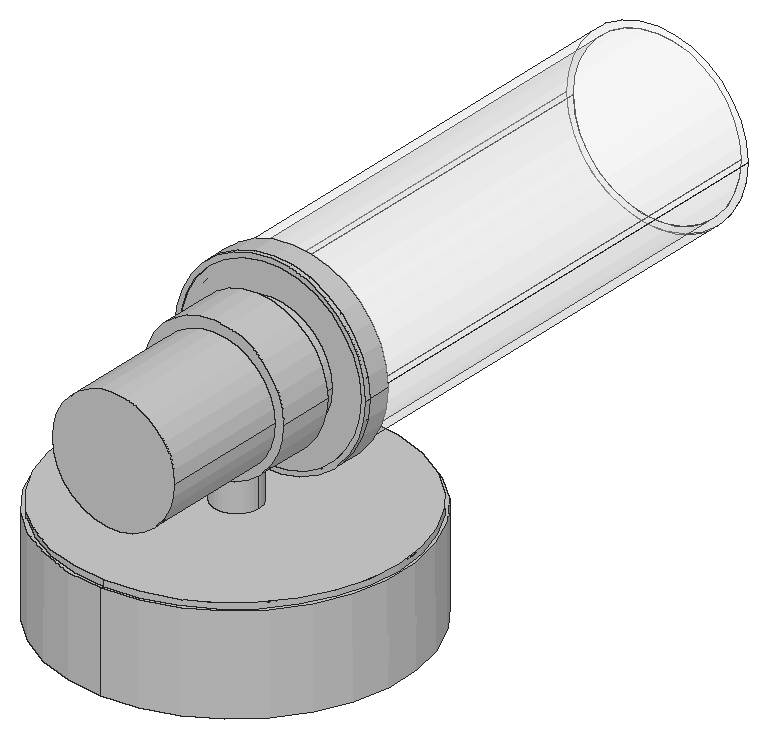
Revit family "2-5156-124 Pebble", category Lighting Fixtures, Revit 2014
Parameters
  Wattage = 5.63477 W
  built-in parameter 1150110 = 1 (stored number, unit not read)
  URL = "http://www.oxygenlighting.com"
  Type Comments = "Lighting - Fluorescent"
  built-in parameter 1114217 = 1 (stored number, unit not read)
  Tilt Angle = -90.00°
  built-in parameter 1150109 = 1 (stored number, unit not read)
  built-in parameter 1150134 = (empty or 0)
  built-in parameter 1150113 = 1 (stored number, unit not read)
  Product Documentation Link = "http://oxygenlighting.com.s3.amazonaws.com/downloads/cutsheets/2-5156-1xx.pdf"
  Power Factor = "0.99"
  Photometric Web File = "2-5156-124 Pebble ITL77192.IES"
  Model = "2-5156-124"
  Metal Finish = 24 -Satin Nickel
  Manufacturer = "Oxygen Lighting"
  Lumens = 837 lm
  built-in parameter 1150115 = 1 (stored number, unit not read)
  built-in parameter 1150105 = 66.606 (stored number, unit not read)
  built-in parameter 1150137 = (empty or 0)
  built-in parameter 1150139 = (empty or 0)
  built-in parameter 1150112 = 1 (stored number, unit not read)
  Lamp Manufacturer = "Sylvania"
  built-in parameter 1150114 = 1 (stored number, unit not read)
  Lamp = "1x18W Double Twin Tube Compact Fluorescent"
  Junction Box = "4\" Octagonal"
  Input Voltage = "120 V"
  Input Power = "16.8 W"
  Input Current = ""
  built-in parameter 1150132 = 2
  built-in parameter 1150102 = (empty or 0)
  built-in parameter 1150138 = (empty or 0)
  built-in parameter 1150107 = 3000 (stored number, unit not read)
  built-in parameter 1150106 = 0.66606 (stored number, unit not read)
  Fixture Width = 0' - 6.17224"
  Fixture Height = 1' - 0.7732"
  Emit from Rectangle Width = 2' - 0"
  Emit from Rectangle Length = 4' - 0"
  Emit Shape Visible in Rendering = no
  built-in parameter 1150104 = 13.8 (stored number, unit not read)
  Dimming Lamp Color Temperature Shift = <None>
  Diffuser = 1-White Opal Glass
  Description = "12\" Contemporary Wall Sconce"
  Default Elevation = 4' - 0"
  Color Filter = 16777215
  Ballast Manufacturer = "Antron Electronics CSD-UV18P"
  built-in parameter 1114218 = 1 (stored number, unit not read)
  built-in parameter 1150133 = 10 (stored number, unit not read)
  Apparent Load = 16.8 VA
Reference planes (in)
  plane 1 "Light Source Axis (F/B)": y = 0
  plane 2: z = 0
  plane 3 "Light Source Axis (L/R)": x = 0
  plane 4 "Light Source Elevation": z = 5.5
  plane 5: x = -3.11283
  plane 6: x = 3.05941
  plane 7: y = 3.08564
  plane 8: y = -3.0866
  plane 9: y = 9.6866
  plane 10: x = -1.29126
  plane 11: x = 1.29207
  plane 12: x = -1.12459
  plane 13: x = 1.12536
Forms (in)
  Revolve 1, solid, material "24 -Satin Nickel" <- "Metal Finish"
    sketch origin (0, 0, 0) x (0, 1, 0) y (0, 0, 1)
      loop
        line (3.02331, -0.01638) -> (3.08581, -0.01638) -> (3.07664, 1.74745) -> (0, 1.73146) -> (0, 1.66896) -> (3.01446, 1.68463) -> (3.02331, -0.01638)
      axis (0, 1.74745) -> (0, -0.01638)
    angle from 0 to 360
  Extrusion 2, solid, material "24 -Satin Nickel" <- "Metal Finish"
    sketch origin (0, 0, 0) x (1, 0, 0) y (0, 1, 0)
      loop
        circle (0, 0) r 3.01446
    from 1.74745 to 1.85008
  Extrusion 3, solid, material "24 -Satin Nickel" <- "Metal Finish"
    sketch origin (0, 0, 0) x (1, 0, 0) y (0, 0, 1)
      loop
        circle (0, 3.72082) r 1.75
      loop
        circle (0, 3.72082) r 1.66667
    from -1.3116 to -0.8116
  Extrusion 4, solid, material "24 -Satin Nickel" <- "Metal Finish"
    sketch origin (0, 0, 0) x (1, 0, 0) y (0, 0, 1)
      loop
        circle (0, 3.72082) r 1.75
    from -0.88873 to -0.8116
  Extrusion 5, solid, material "1-White Opal Glass" <- "Diffuser"
    sketch origin (0, 0, 0) x (1, 0, 0) y (0, 0, 1)
      loop
        circle (0, 3.72082) r 1.66667
      loop
        circle (0, 3.72082) r 1.54167
    from -9.6866 to -0.88873
  Extrusion 6, solid, material "24 -Satin Nickel" <- "Metal Finish"
    sketch origin (0, 0, 0) x (1, 0, 0) y (0, 0, 1)
      loop
        circle (0, 3.71208) r 1.12459
    from -0.8116 to 2.78798
  Extrusion 7, solid, material "24 -Satin Nickel" <- "Metal Finish"
    sketch origin (0, 0, 0) x (1, 0, 0) y (0, 0, 1)
      loop
        circle (0, 3.74013) r 1.29207
    from -0.4991 to 0.5009
  Extrusion 8, solid, material "24 -Satin Nickel" <- "Metal Finish"
    sketch origin (0, 0, 0) x (1, 0, 0) y (0, 1, 0)
      loop
        circle (0, 0.02394) r 0.41201
    from 1.74745 to 2.58589
  Revolve 9, solid, material "24 -Satin Nickel" <- "Metal Finish", not visible
    sketch origin (0, 0, 0) x (0, 1, 0) y (0, 0, 1)
      loop
        line (3.02331, -0.01638) -> (3.08581, -0.01638) -> (3.07664, 1.74745) -> (0, 1.73146) -> (0, 1.66896) -> (3.01446, 1.68463) -> (3.02331, -0.01638)
      axis (0, 1.74745) -> (0, -0.01638)
    angle from 0 to 360
  Extrusion 10, solid, material "24 -Satin Nickel" <- "Metal Finish", not visible
    sketch origin (0, 0, 0) x (1, 0, 0) y (0, 1, 0)
      loop
        circle (0, 0) r 3.01446
    from 1.74745 to 1.85008
  Extrusion 11, solid, material "24 -Satin Nickel" <- "Metal Finish", not visible
    sketch origin (0, 0, 0) x (1, 0, 0) y (0, 0, 1)
      loop
        circle (0, 3.72082) r 1.75
      loop
        circle (0, 3.72082) r 1.66667
    from -1.3116 to -0.8116
  Extrusion 12, solid, material "24 -Satin Nickel" <- "Metal Finish", not visible
    sketch origin (0, 0, 0) x (1, 0, 0) y (0, 0, 1)
      loop
        circle (0, 3.72082) r 1.75
    from -0.88873 to -0.8116
  Extrusion 13, solid, material "1-White Opal Glass" <- "Diffuser", not visible
    sketch origin (0, 0, 0) x (1, 0, 0) y (0, 0, 1)
      loop
        circle (0, 3.72082) r 1.66667
      loop
        circle (0, 3.72082) r 1.54167
    from -9.6866 to -0.88873
  Extrusion 14, solid, material "24 -Satin Nickel" <- "Metal Finish", not visible
    sketch origin (0, 0, 0) x (1, 0, 0) y (0, 0, 1)
      loop
        circle (0, 3.71208) r 1.12459
    from -0.8116 to 2.78798
  Extrusion 15, solid, material "24 -Satin Nickel" <- "Metal Finish", not visible
    sketch origin (0, 0, 0) x (1, 0, 0) y (0, 0, 1)
      loop
        circle (0, 3.74013) r 1.29207
    from -0.4991 to 0.5009
  Extrusion 16, solid, material "24 -Satin Nickel" <- "Metal Finish", not visible
    sketch origin (0, 0, 0) x (1, 0, 0) y (0, 1, 0)
      loop
        circle (0, 0.02394) r 0.41201
    from 1.74745 to 2.58589
Dimensions and locks (in)
  "Fixture Height": plane 9 to plane 8
  "Fixture Width": plane 5 to plane 6
  aligned and locked: plane 3 "Light Source Axis (L/R)" to imposter light
  aligned and locked: plane 4 "Light Source Elevation" to imposter light
  aligned and locked: level to plane 2
Automatic sketch dimensions
  Revolve 1 sketch curve to Revolve 1 sketch curve = 0' - 0 1/16"  (x2)
  Revolve 1 sketch curve to Revolve 1 sketch curve = 0' - 0.60111"
  Revolve 1 sketch curve to Revolve 1 sketch curve = 0' - 0.71863"
  Revolve 1 sketch curve to Revolve 1 sketch curve = 0' - 3.01446"
  Revolve 1 sketch curve to Revolve 1 sketch curve = 0' - 0.00884"
  Revolve 1 sketch curve to Revolve 1 sketch curve = 0' - 0.06217"
  Revolve 1 sketch curve to Revolve 1 sketch curve = 0' - 1.68534"
  Revolve 1 sketch curve to Revolve 1 sketch curve = 0' - 0"
  Extrusion 2 sketch curve to Extrusion 2 sketch curve = 0' - 3.01446"
  Extrusion 3 sketch curve to Extrusion 3 sketch curve = 0' - 0"  (x2)
  Extrusion 4 sketch curve to Extrusion 4 sketch curve = 0' - 1 3/4"
  Extrusion 5 sketch curve to Extrusion 5 sketch curve = 0' - 0"  (x8)
  Extrusion 5 sketch curve to Extrusion 5 sketch curve = 0' - 1.66667"
  Revolve 9 sketch curve to Revolve 9 sketch curve = 0' - 0 1/16"  (x2)
  Revolve 9 sketch curve to Revolve 9 sketch curve = 0' - 0.60111"
  Revolve 9 sketch curve to Revolve 9 sketch curve = 0' - 0.71863"
  Revolve 9 sketch curve to Revolve 9 sketch curve = 0' - 3.01446"
  Revolve 9 sketch curve to Revolve 9 sketch curve = 0' - 0.00884"
  Revolve 9 sketch curve to Revolve 9 sketch curve = 0' - 0.06217"
  Revolve 9 sketch curve to Revolve 9 sketch curve = 0' - 1.68534"
  Revolve 9 sketch curve to Revolve 9 sketch curve = 0' - 0"
  Extrusion 10 sketch curve to Extrusion 10 sketch curve = 0' - 3.01446"
  Extrusion 11 sketch curve to Extrusion 11 sketch curve = 0' - 0"  (x2)
  Extrusion 12 sketch curve to Extrusion 12 sketch curve = 0' - 1 3/4"
  Extrusion 13 sketch curve to Extrusion 13 sketch curve = 0' - 0"  (x8)
  Extrusion 13 sketch curve to Extrusion 13 sketch curve = 0' - 1.66667"
  Extrusion 2 sketch curve to Extrusion 2 sketch curve = 0' - 0"  (x2)
  Extrusion 4 sketch curve to Extrusion 4 sketch curve = 0' - 0"  (x2)
  Extrusion 10 sketch curve to Extrusion 10 sketch curve = 0' - 0"  (x2)
  Extrusion 12 sketch curve to Extrusion 12 sketch curve = 0' - 0"  (x2)
  radius of Extrusion 7 sketch curve = 0' - 1.29207"
  radius of Extrusion 6 sketch curve = 0' - 1.12459"
  radius of Extrusion 8 sketch curve = 0' - 0.41201"
  radius of Extrusion 3 sketch curve = 0' - 1 3/4"
  radius of Extrusion 3 sketch curve = 0' - 1.66667"
  radius of Extrusion 5 sketch curve = 0' - 1.54167"
  radius of Extrusion 15 sketch curve = 0' - 1.29207"
  radius of Extrusion 14 sketch curve = 0' - 1.12459"
  radius of Extrusion 16 sketch curve = 0' - 0.41201"
  radius of Extrusion 11 sketch curve = 0' - 1 3/4"
  radius of Extrusion 11 sketch curve = 0' - 1.66667"
  radius of Extrusion 13 sketch curve = 0' - 1.54167"
